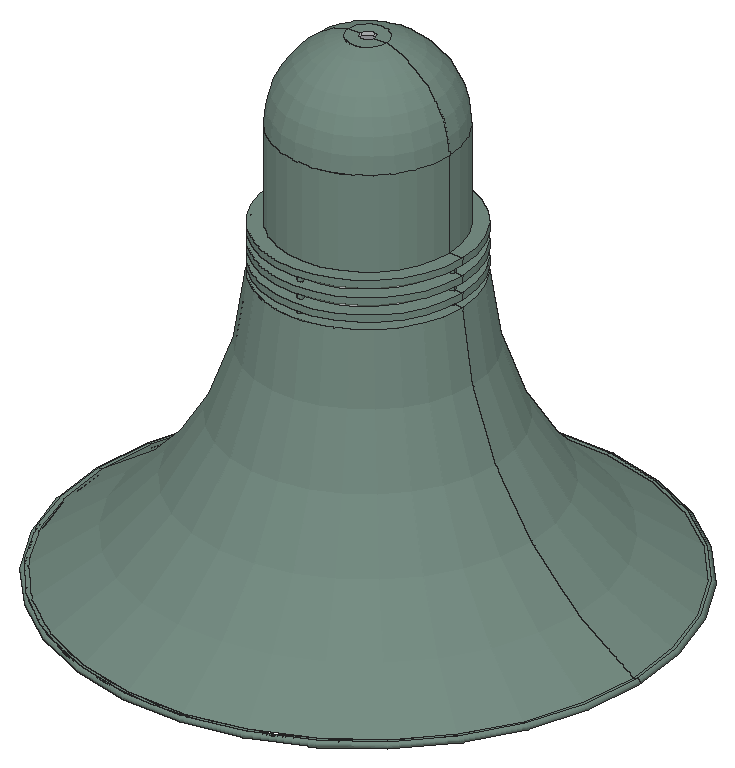
Revit family "DCR20 SHADE", category Lighting Fixtures, Revit 2024
Family settings
  Round Connector Dimension = Use Diameter
  Part Type = Normal
  OmniClass Number = 23.80.70.00
  OmniClass Title = Lighting
  Work Plane-Based = No
  Always vertical = Yes
  Cut with Voids When Loaded = No
  Light Source = Yes
  Maintain Annotation Orientation = No
  Shared = No
  Room Calculation Point = No
Parameters
  Wattage = 12.1178 W
  built-in parameter 1150110 = 1 (stored number, unit not read)
  built-in parameter 1114217 = 1 (stored number, unit not read)
  built-in parameter 1150109 = 1 (stored number, unit not read)
  built-in parameter 1150134 = (empty or 0)
  built-in parameter 1150113 = 1 (stored number, unit not read)
  Lumens = 1800 lm
  built-in parameter 1150115 = 1 (stored number, unit not read)
  built-in parameter 1150105 = 572.96 (stored number, unit not read)
  Light Source Symbol Size = 2' - 0"
  built-in parameter 1150137 = (empty or 0)
  built-in parameter 1150139 = (empty or 0)
  built-in parameter 1150112 = 1 (stored number, unit not read)
  built-in parameter 1150114 = 1 (stored number, unit not read)
  built-in parameter 1150132 = 2
  built-in parameter 1150102 = (empty or 0)
  built-in parameter 1150138 = (empty or 0)
  built-in parameter 1150107 = 3000 (stored number, unit not read)
  built-in parameter 1150106 = 5.7296 (stored number, unit not read)
  built-in parameter 1150104 = 13.8 (stored number, unit not read)
  Dimming Lamp Color Temperature Shift = (empty or 0)
  Default Elevation = 0' - 0"
  Color Filter = 16777215
  built-in parameter 1114218 = 1 (stored number, unit not read)
  built-in parameter 1150133 = 10 (stored number, unit not read)
Reference planes (in)
  plane 1 "Light Source Axis (F/B)": y = 0
  plane 2: z = 0
  plane 3 "Light Source Axis (L/R)": x = 0
  plane 4 "Light Source Elevation": z = 84
Forms (in)
  Revolve 1, solid
    sketch origin (0, 0, 0) x (1, 0, 0) y (0, 0, 1)
      loop
        line (-0.25, 101.91897) -> (-0.6925, 101.91897)
        arc (-0.6925, 101.91897) -> (-2.35317, 100.86056) -> (-2.9996, 99.0004) r 2.9996
        line (-2.9996, 99.0004) -> (-2.9996, 95.81257) -> (-3.4996, 95.81257) -> (-3.4996, 95.58013) -> (-3.40585, 95.58013) -> (-3.40585, 95.71882) -> (-2.90585, 95.71882) -> (-2.90585, 99.0004)
        arc (-2.90585, 99.0004) -> (-2.283, 100.79815) -> (-0.68144, 101.82522) r 2.90585
        line (-0.68144, 101.82522) -> (-0.25, 101.82522) -> (-0.25, 101.91897)
      loop
        line (-2.9996, 95.24438) -> (-3.4996, 95.24438) -> (-3.4996, 95.01194) -> (-3.40585, 95.01194) -> (-3.40585, 95.15063) -> (-2.9996, 95.15063) -> (-2.9996, 95.24438)
      loop
        line (-2.9996, 94.67619) -> (-3.4996, 94.67619) -> (-3.4996, 94.44374) -> (-3.40585, 94.44374) -> (-3.40585, 94.58244) -> (-2.9996, 94.58244) -> (-2.9996, 94.67619)
      loop
        line (-2.9996, 94.19061) -> (-3.4996, 94.19061)
        arc (-3.4996, 94.19061) -> (-5.32895, 88.37348) -> (-9.77503, 84.2) r 12.03365
        line (-9.77503, 84.2) -> (-9.9, 84.2)
        arc (-9.9, 84.2) -> (-9.97784, 84.03722) -> (-9.80227, 84.07883) r 0.1
        arc (-9.80227, 84.07883) -> (-5.29532, 88.25133) -> (-3.41062, 94.09686) r 12.1274
        line (-3.41062, 94.09686) -> (-2.9996, 94.09686) -> (-2.9996, 94.19061)
      loop
        line (-2, 95.58013) -> (-2, 88)
        arc (-2, 88) -> (-1.41421, 86.58579) -> (0, 86) r 2
        line (0, 86) -> (0, 86.09375)
        arc (0, 86.09375) -> (-1.34792, 86.65208) -> (-1.90625, 88) r 1.90625
        line (-1.90625, 88) -> (-1.90625, 95.58013) -> (-2, 95.58013)
      axis (0, 101.91897) -> (0, 84.07883)
    angle from 0 to 360
  Sweep 2, solid
    path origin (0, 0, 0) x (1, 0, 0) y (0, 0, 1)
      loop
        line (-3.1087, 94.19061) -> (-3.1087, 95.71882)
    profile origin (-3.1087, 0, 94.95472) x (-1, 0, 0) y (0, -1, 0)
      loop
        circle (0, 0) r 0.09375
  Sweep 3, solid
    path origin (0, 0, 0) x (0, -1, 0) y (0, 0, 1)
      loop
        line (-3.1087, 94.19061) -> (-3.1087, 95.71882)
    profile origin (0, 3.1087, 94.95472) x (0, 1, 0) y (-1, 0, 0)
      loop
        circle (0, 0) r 0.09375
  Sweep 4, solid
    path origin (0, 0, 0) x (0, 1, 0) y (0, 0, 1)
      loop
        line (-3.1087, 94.19061) -> (-3.1087, 95.71882)
    profile origin (0, -3.1087, 94.95472) x (0, -1, 0) y (1, 0, 0)
      loop
        circle (0, 0) r 0.09375
  Sweep 5, solid
    path origin (0, 0, 0) x (-1, 0, 0) y (0, 0, 1)
      loop
        line (-3.1087, 94.19061) -> (-3.1087, 95.71882)
    profile origin (3.1087, 0, 94.95472) x (1, 0, 0) y (0, 1, 0)
      loop
        circle (0, 0) r 0.09375
Dimensions and locks (in)
  aligned and locked: plane 3 "Light Source Axis (L/R)" to imposter light
  aligned and locked: plane 1 "Light Source Axis (F/B)" to imposter light
  aligned and locked: plane 4 "Light Source Elevation" to imposter light
  aligned and locked: level to plane 2
